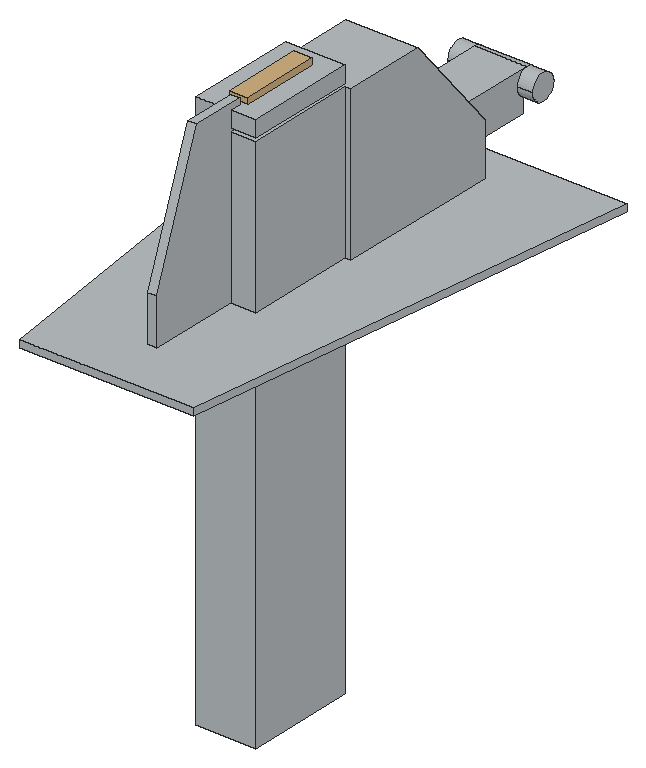
Revit family "Safety_Truck-Restraint_Nova-Tech_TruckLock350-Flange", category Generic Models, host Face, Revit 2017
Family settings
  Host = Face
  Can host rebar = No
  Round Connector Dimension = Use Diameter
  Part Type = Normal
  OmniClass Number = 23.50.70.27
  OmniClass Title = Truck Restraints
  Cut with Voids When Loaded = No
  Shared = No
  Room Calculation Point = No
Parameters
  Warranty Duration (Years) = 0
  Unit Width = 1' - 3 59/64"
  Unit Height = 0' - 10"
  Unit Depth = 2' - 1 5/128"
  URL = "http://www.novalocks.com/"
  Test Data = ""
  Specification = "http://arcat.com/arcatcos/cos43/arc43493.html?isac=1&r=2"
  SpecWizard = ""
  Send Message = "http://www.arcat.com/users.pl?action=UserEmail&company=Nova+Technology&coid=43493&rep=132&fax=262-502-1511&mf="
  Sales Information = "http://www.novalocks.com/general-contact-info/"
  Revision = "R1_4_2013"
  Restraint [instance] = Metal - Nova - Yellow
  Product Properties = ""
  Product Data = "http://arcat.com/arcatcos/cos43/arc43493.html?isac=1&r=2"
  Model = "As Specified"
  Manufacturer Website = "http://www.novalocks.com/"
  Manufacturer Phone - Toll Free = "800-236-7325"
  Manufacturer Phone = "262-502-1591"
  Manufacturer Fax = "262-502-1511"
  Manufacturer Address = "N90 W14507 Commerce Dr. Menomonee Falls, WI 53051"
  Manufacturer = "Nova Technology"
  Maintenance Schedule (Months) = 0
  Keynote = "11160"
  Installation-Fabrication = ""
  Installation Phase = ""
  Green Building-LEED = ""
  Fixture Material = Metal - Nova - Zinc Coated Steel
  Expected Lifespan (Years) = 0
  Drawn By = "Sumex Design, Inc. / Robert S. Weygant, CSI, CDT, SCIP"
  Dock Bumper Thickness [instance] = 0' - 4"
  Description = "Nova Technology Dock Product as Specified"
  Default Elevation = 4' - 0"
  Crack Free Zone Diameter [instance] = 1' - 8"
  Core Depth = 2' - 0"
  Copyright = "©Arcat Inc."
  Construction Details = ""
  Building Codes = ""
  Assembly Code = "E1030300"
Reference planes (in)
  plane 1 "Center (Front/Back)": y = 10.76898
  plane 2: z = 0
  plane 3 "Center (Left/Right)": x = 0
  plane 4: y = 8.44898
  plane 5: y = 12.76898
  plane 6: x = -10
  plane 7: x = 10
  plane 8 "Dock Bumper Face": y = 22.76898
  plane 9 "Dock Wall": y = 26.76898
  plane 10: z = -24
Forms (in)
  Extrusion 1, void
    sketch origin (0, 0, 0) x (1, 0, 0) y (0, 1, 0)
      loop
        circle (0, 10.76898) r 5
    from 0 to -24
  Extrusion 2, solid, material "Metal - Nova - Zinc Coated Steel" <- "Fixture Material"
    sketch origin (0, 2.55, 0) x (1, 0, 0) y (0, 1, 0)
      loop
        line (-7.96, 22.04898) -> (-4.68, -2.99102) -> (4.68, -2.99102) -> (7.96, 22.04898) -> (-7.96, 22.04898)
    from 0 to 0.39844
  Extrusion 3, solid, material "Metal - Nova - Zinc Coated Steel" <- "Fixture Material"
    sketch origin (0, 2.55, 0) x (0, 1, 0) y (0, 0, 1)
      loop
        line (0.04898, 0.39844) -> (5.64898, 0.39844) -> (5.64898, 9.99844) -> (2.77398, 9.99844) -> (0.04898, 2.89844) -> (0.04898, 0.39844)
    from 0.25 to -0.25
  Extrusion 4, solid, material "Metal - Nova - Yellow" <- "Restraint"
    sketch origin (0, 2.55, 0) x (0, 1, 0) y (0, 0, 1)
      loop
        line (5.89898, 9.99844) -> (5.89898, -20.99449) -> (10.21898, -20.99449) -> (10.21898, 9.99844) -> (5.89898, 9.99844)
    from -0.48047 to 0.48047
  Extrusion 5, solid, material "Metal - Nova - Zinc Coated Steel" <- "Fixture Material"
    sketch origin (0, 0, 0) x (0, 1, 0) y (0, 0, 1)
      loop
        line (7.57398, -20.63156) -> (13.57398, -20.63156) -> (13.57398, 8.64844) -> (7.57398, 8.64844) -> (7.57398, -20.63156)
    from 1.60156 to -1.60156
  Extrusion 6, solid, material "Metal - Nova - Zinc Coated Steel" <- "Fixture Material"
    sketch origin (0, 0, 0) x (1, 0, 0) y (0, 1, 0)
      loop
        line (-1.60156, 13.57398) -> (-1.60156, 7.57398) -> (1.60156, 7.57398) -> (1.60156, 13.57398) -> (-1.60156, 13.57398)
    from 8.81543 to 9.69043
  Extrusion 7, solid, material "Metal - Nova - Zinc Coated Steel" <- "Fixture Material"
    sketch origin (0, 0, 0) x (0, 1, 0) y (0, 0, 1)
      loop
        line (13.57398, 0.39844) -> (22.57398, 0.39844) -> (22.57398, 3.19844) -> (18.07398, 8.64844) -> (13.57398, 8.64844) -> (13.57398, 0.39844)
    from -1.92156 to 1.92156
  Extrusion 8, solid, material "Metal - Nova - Zinc Coated Steel" <- "Fixture Material"
    sketch origin (0, 0, 0) x (0, 1, 0) y (0, 0, 1)
      loop
        circle (26.08148, 3.39094) r 0.6875
    from -2.28125 to 2.28125
  Extrusion 9, solid, material "Metal - Nova - Zinc Coated Steel" <- "Fixture Material"
    sketch origin (0, 0, 0) x (0, 1, 0) y (0, 0, 1)
      loop
        line (26.08148, 4.07844) -> (10.76898, 4.07844) -> (10.76898, 1.91844) -> (25.83148, 1.91844) -> (25.83148, 3.89483)
        arc (25.83148, 3.89483) -> (26.18793, 3.94327) -> (26.50085, 3.76582) r 0.5625
        line (26.50085, 3.76582) -> (26.50085, 3.06085) -> (26.62585, 3.06085) -> (26.62585, 3.81085)
        arc (26.62585, 3.81085) -> (26.38477, 4.00792) -> (26.08148, 4.07844) r 0.6875
    from -1.40632 to 1.40625
Cuts and joins
  joined: Extrusion 2, Extrusion 3, Extrusion 5, Extrusion 6, Extrusion 7, Extrusion 8, Extrusion 9
Lines and regions (in)
  symbolic lines, style "GenericModelHiddenLines"
    curve 1: arc (-10, 10.76898, 0) -> (0, 0.76898, 0) -> (10, 10.76898, 0) r 10
    curve 2: line (10, 10.76898, 0) -> (10, 26.76898, 0)
    curve 3: line (10, 26.76898, 0) -> (-10, 26.76898, 0)
    curve 4: line (-10, 26.76898, 0) -> (-10, 10.76898, 0)
Dimensions and locks (in)
  equal spacing: plane 6, plane 3 "Center (Left/Right)", plane 7
  "Crack Free Zone Diameter": plane 6 to plane 7
  locked: plane 8 "Dock Bumper Face" to plane 1 "Center (Front/Back)" at 12
  locked: plane 8 "Dock Bumper Face" to plane 5 at 10
  locked: plane 5 to plane 4 at 4.32
  "Dock Bumper Thickness": plane 9 "Dock Wall" to plane 8 "Dock Bumper Face"
  "Core Depth": level to plane 10
  Extrusion 2 sketch curve to plane 3 "Center (Left/Right)" to Extrusion 2 sketch curve = 0' - 7.96" locked, 0' - 7.96" locked
  Extrusion 2 sketch curve to plane 3 "Center (Left/Right)" to Extrusion 2 sketch curve = 0' - 4.68" locked, 0' - 4.68" locked
  Extrusion 5 sketch curve to plane 1 "Center (Front/Back)" to Extrusion 5 sketch curve = 0' - 3.195" locked, 0' - 2.805" locked
  locked: Extrusion 8 sketch curve to plane 9 "Dock Wall" at 0.6875
  Extrusion 9 sketch curve to Extrusion 9 sketch curve to Extrusion 9 sketch curve to plane 9 "Dock Wall" = 0' - 0.66936" locked, 0' - 0 1/8" locked, 0' - 0.14314" locked
  aligned and locked: plane 2 to host face
  aligned and locked: level to host face
  aligned and locked: plane 9 "Dock Wall" to curve 3
  aligned and locked: plane 7 to curve 2
  aligned and locked: curve 4 to plane 6
  aligned and locked: Extrusion 1 to plane 10
  aligned and locked: level to Extrusion 1
  aligned and locked: Extrusion 9 sketch curve to plane 1 "Center (Front/Back)"
Automatic sketch dimensions
  host sketch curve to host sketch curve = 8' - 0"  (x2)
  Extrusion 1 sketch curve to plane 1 "Center (Front/Back)" = 0' - 0"
  Extrusion 1 sketch curve to plane 3 "Center (Left/Right)" = 0' - 0"
  plane 8 "Dock Bumper Face" to Extrusion 2 sketch curve = 0' - 1.83"
  Extrusion 2 sketch curve to plane 4 = 0' - 8.89"
  level to Extrusion 3 sketch curve = 0' - 2 115/128"
  Extrusion 3 sketch curve to plane 4 = 0' - 3 1/8"
  Extrusion 3 sketch curve to plane 4 = 0' - 0 1/4"
  level to Extrusion 3 sketch curve = 0' - 0 51/128"
  Extrusion 3 sketch curve to Extrusion 3 sketch curve = 0' - 5.6"
  Extrusion 4 sketch curve to plane 1 "Center (Front/Back)" = 0' - 2"
  plane 10 to Extrusion 4 sketch curve = 0' - 3.00551"
  Extrusion 4 sketch curve to plane 4 = 0' - 0"
  plane 10 to Extrusion 5 sketch curve = 0' - 3.36844"
  Extrusion 6 sketch curve to plane 3 "Center (Left/Right)" = 0' - 1 77/128"
  plane 3 "Center (Left/Right)" to Extrusion 6 sketch curve = 0' - 1 77/128"
  Extrusion 6 sketch curve to plane 4 = 0' - 0 7/8"
  plane 5 to Extrusion 6 sketch curve = 0' - 0.805"
  level to Extrusion 7 sketch curve = 0' - 0 51/128"
  plane 5 to Extrusion 7 sketch curve = 0' - 0.805"
  Extrusion 7 sketch curve to Extrusion 7 sketch curve = 0' - 4 1/2"
  Extrusion 7 sketch curve to plane 8 "Dock Bumper Face" = 0' - 0.195"
  Extrusion 7 sketch curve to Extrusion 7 sketch curve = 0' - 2.8"
  curve 1 to plane 1 "Center (Front/Back)" = 0' - 0"
  level to Extrusion 8 sketch curve = 0' - 3.39094"
  Extrusion 9 sketch curve to Extrusion 9 sketch curve = 0' - 0 1/4"
  level to Extrusion 9 sketch curve = 0' - 1.91844"
  Extrusion 9 sketch curve to Extrusion 9 sketch curve = 0' - 0.04502"
  Extrusion 9 sketch curve to Extrusion 9 sketch curve = 0' - 0.33009"
  Extrusion 9 sketch curve to Extrusion 9 sketch curve = 0' - 0"  (x2)
  Extrusion 9 sketch curve to Extrusion 9 sketch curve = 0' - 1.14241"
  Extrusion 9 sketch curve to Extrusion 9 sketch curve = 0' - 0.37489"
  Extrusion 3 sketch curve to Extrusion 3 sketch curve = 0' - 7.1"
  level to Extrusion 4 sketch curve = 0' - 9.99844"
  level to Extrusion 5 sketch curve = 0' - 8 83/128"
  Extrusion 7 sketch curve to Extrusion 7 sketch curve = 0' - 5.45"
  radius of Extrusion 1 sketch curve = 0' - 5"
  radius of Extrusion 8 sketch curve = 0' - 0 11/16"
